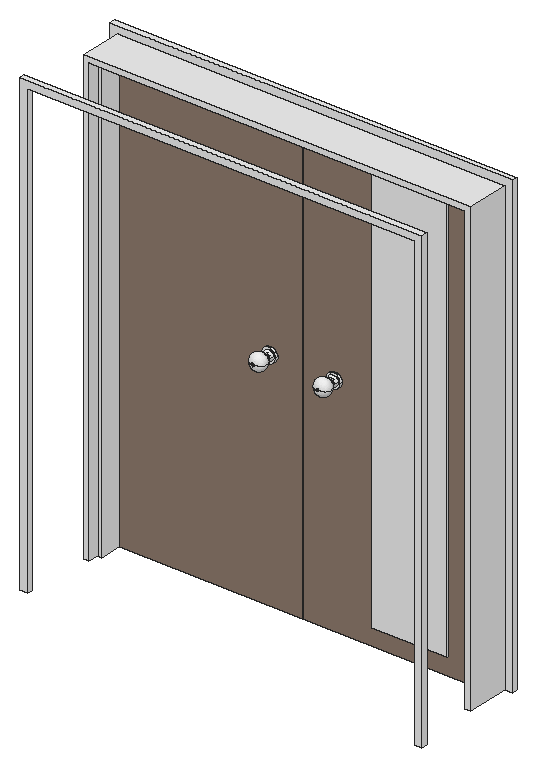
Revit family
Parameters (values of type "1800x2100")
  swing_angle [instance] = 90.00°
  decoration_material = Metal_door_frame
  Seond_door_panel_width = Second_door_width - 25 mm  # 875 mm
  Second_door_width = 900 mm
  Panel_Material = Panel_Door_frame
  Handel_Material = Metal_door_frame
  Frame_material = Metal_door_frame
  Frame Projection Ext. = 25 mm
  Frame Projection Int. = 25 mm
  Frame Width = 35 mm
  Height = 2100 mm
  Wall Closure = (empty or 0)
  Width = 1800 mm
  Door_Panel_Width = Width - (Second_door_width) - 25 mm  # 875 mm
  Assembly Code = ""
Types (2, lengths in mm): name | Width | Door_Panel_Width
  1800x2100 | 1800 | 875
  2300x2100 | 2300 | 1375
Reference planes
  plane 1: y = 0
  plane 2 "Center (Left/Right)": x = 0
  plane 3 "Left": x = -900
  plane 4 "Right": x = 900
  plane 5: z = 2100
  plane 6 "Exterior": y = 250
  plane 7 "Interior": y = -250
  plane 8 "handle": z = 1050
  plane 9: x = 0
Forms (mm)
  Extrusion 1, solid, material "Metal_door_frame" <- "Frame_material"
    sketch origin (-3050, -250, 0) x (1, 0, 0) y (0, 0, 1)
      loop
        line (2115, 0) -> (2150, 0) -> (2150, 2100) -> (3950, 2100) -> (3950, 0) -> (3985, 0) -> (3985, 2135) -> (2115, 2135) -> (2115, 0)
    from 0 to 25
  Extrusion 2, solid, material "Metal_door_frame" <- "Frame_material"
    sketch origin (-3050, 250, 0) x (-1, 0, 0) y (0, 0, 1)
      loop
        line (-2150, 0) -> (-2115, 0) -> (-2115, 2135) -> (-3985, 2135) -> (-3985, 0) -> (-3950, 0) -> (-3950, 2100) -> (-2150, 2100) -> (-2150, 0)
    from 0 to 25
  Sweep 3, solid, material "Metal_door_frame" <- "Frame_material"
    path origin (0, 250, 0) x (1, 0, 0) y (0, 0, 1)
      loop
        line (900, 0) -> (900, 2100) -> (-900, 2100) -> (-900, 0)
    profile origin (900, 250, 1050) x (-1, 0, 0) y (0, -1, 0)
      loop
        line (45, 50) -> (45, 150) -> (25, 150) -> (25, 200) -> (0, 200) -> (0, 0) -> (25, 0) -> (25, 50) -> (45, 50)
  Extrusion 4, solid, material "Panel_Door_frame" <- "Panel_Material"
    sketch origin (-15, 250, 0) x (1, 0, 0) y (0, 0, 1)
      loop
        line (890, 2075) -> (15, 2075) -> (15, 0) -> (890, 0) -> (890, 2075)
    from 0 to 50
  Revolve 5, solid, material "Metal_door_frame" <- "Handel_Material"
    sketch origin (0, 0, 1050) x (1, 0, 0) y (0, 1, 0)
      loop
        line (117.292, 250) -> (150, 250) -> (150, 344.095) -> (142.422, 344.095) -> (142.422, 349.095)
        arc (142.422, 349.095) -> (112.422, 319.095) -> (142.422, 289.095) r 30
        line (142.422, 289.095) -> (142.422, 274.095) -> (132.422, 274.095) -> (127.292, 260) -> (117.292, 260) -> (117.292, 250)
      loop
        line (117.292, 200) -> (117.292, 190) -> (127.292, 190) -> (132.422, 175.905) -> (142.422, 175.905) -> (142.422, 160.905)
        arc (142.422, 160.905) -> (112.422, 130.905) -> (142.422, 100.905) r 30
        line (142.422, 100.905) -> (142.422, 105.905) -> (150, 105.905) -> (150, 200) -> (117.292, 200)
      axis (150, 349.095) -> (150, 100.905)
    angle from 0 to 360
  Extrusion 6, solid, material "Metal_door_frame" <- "decoration_material"
    sketch origin (0, 250, 0) x (1, 0, 0) y (0, 0, 1)
      loop
        line (325, 1995) -> (325, 80) -> (675, 80) -> (675, 1995) -> (325, 1995)
    from 0 to -5
  Extrusion 7, solid, material "Metal_door_frame" <- "decoration_material"
    sketch origin (0, 50, 0) x (1, 0, 0) y (0, 0, -1)
      loop
        line (325, -1995) -> (675, -1995) -> (675, -80) -> (325, -80) -> (325, -1995)
    from 150 to 145
  Extrusion 8, solid, material "Panel_Door_frame" <- "Panel_Material"
    sketch origin (0, 250, 0) x (1, 0, 0) y (0, 0, 1)
      loop
        line (0, 2075) -> (-875, 2075) -> (-875, 0) -> (0, 0) -> (0, 2075)
    from 0 to 50
  Revolve 9, solid, material "Metal_door_frame" <- "Handel_Material"
    sketch origin (-400, 0, 1050) x (-1, 0, 0) y (0, 1, 0)
      loop
        line (-282.708, 250) -> (-250, 250) -> (-250, 344.095) -> (-257.578, 344.095) -> (-257.578, 349.095)
        arc (-257.578, 349.095) -> (-287.578, 319.095) -> (-257.578, 289.095) r 30
        line (-257.578, 289.095) -> (-257.578, 274.095) -> (-267.578, 274.095) -> (-272.708, 260) -> (-282.708, 260) -> (-282.708, 250)
      loop
        line (-282.708, 200) -> (-282.708, 190) -> (-272.708, 190) -> (-267.578, 175.905) -> (-257.578, 175.905) -> (-257.578, 160.905)
        arc (-257.578, 160.905) -> (-287.578, 130.905) -> (-257.578, 100.905) r 30
        line (-257.578, 100.905) -> (-257.578, 105.905) -> (-250, 105.905) -> (-250, 200) -> (-282.708, 200)
      axis (-250, 349.095) -> (-250, 100.905)
    angle from 0 to 360
Lines and regions (mm)
  Opening 1
    outline origin (-3050, -250, 0) x (1, 0, 0) y (0, 0, 1)
      loop
        line (2150, 0) -> (3950, 0) -> (3950, 2100) -> (2150, 2100) -> (2150, 0)
  symbolic lines, style "Elevation Swing"
    curve 1: line (900, -250, 1050) -> (287.5, -250, 2100)
    curve 2: line (900, -250, 1050) -> (-900, -250, 0)
    curve 3: line (-900, 250, 0) -> (900, 250, 1050)
    curve 4: line (900, 250, 1050) -> (-900, 250, 4135.714)
  symbolic lines, style "Plan Swing"
    curve 5: line (825, 1125, 0) -> (825, 250, 0)
    curve 6: line (875, 1125, 0) -> (825, 1125, 0)
    curve 7: line (875, 250, 0) -> (875, 1125, 0)
    curve 8: line (825, 250, 0) -> (875, 250, 0)
    curve 9: arc (875, 1125, 0) -> (256.282, 868.718, 0) -> (0, 250, 0) r 875
    curve 10: line (-875, 250, 0) -> (-825, 250, 0)
    curve 11: line (-875, 1125, 0) -> (-875, 250, 0)
    curve 12: line (-825, 1125, 0) -> (-875, 1125, 0)
    curve 13: line (-825, 250, 0) -> (-825, 1125, 0)
    curve 14: arc (-875, 1125, 0) -> (-256.282, 868.718, 0) -> (0, 250, 0) r 875
  symbolic lines
    curve 15: line (-900, 250, 0) -> (900, 250, 0)
    curve 16: line (-900, -250, 0) -> (900, -250, 0)
Text (mm)
  text "Exterior" at (-2295.016, 1099.543, 0), in view "Ref. Level"
  text "Exterior" at (0, 1615.38, 3698.081), in view "Left"
  text "Exterior" at (0, 1036.032, 3874.932), in view "Right"
Dimensions and locks
  equal spacing: plane 3 "Left", plane 2 "Center (Left/Right)", plane 4 "Right"
  "Width": plane 3 "Left" to plane 4 "Right"
  "Height": plane 5 to host wall
  equal spacing: host wall, curve 2, plane 5
  equal spacing: host wall, curve 4, plane 5
  "Frame Projection Ext.": Extrusion 2 to Extrusion 2
  "Frame Projection Int.": Extrusion 1 to Extrusion 1
  "Frame Width": plane 3 "Left" to Extrusion 1 sketch curve
  "Frame Width": plane 4 "Right" to Extrusion 1 sketch curve
  "Frame Width": Extrusion 1 sketch curve to plane 5
  "Frame Width": plane 4 "Right" to Extrusion 2 sketch curve
  "Frame Width": plane 3 "Left" to Extrusion 2 sketch curve
  "Frame Width": plane 5 to Extrusion 2 sketch curve
  locked: plane 6 "Exterior" to host wall at 0
  locked: plane 7 "Interior" to host wall
  locked: Sweep 3 sketch curve to Sweep 3 sketch curve at 200
  locked: Sweep 3 sketch curve to Sweep 3 sketch curve at 50
  locked: Sweep 3 sketch curve to Sweep 3 sketch curve at 100
  locked: curve 5 to curve 7 at 50
  "Door_Panel_Width": curve 8 to curve 6
  level to plane 5 = 2100 mm
  equal spacing: level, plane 8 "handle", plane 5
  locked: Extrusion 6 sketch curve to Extrusion 4 at 80
  locked: Extrusion 4 to Extrusion 6 sketch curve at 200
  locked: Extrusion 4 to Extrusion 6 sketch curve at 80
  locked: Extrusion 6 sketch curve to Extrusion 6 sketch curve at 350
  locked: Extrusion 7 sketch curve to Extrusion 7 sketch curve at 350
  locked: Extrusion 6 to Extrusion 4 at 5
  locked: Extrusion 7 to Extrusion 7 at 5
  "Second_door_width": plane 3 "Left" to plane 9
  locked: plane 9 to Revolve 5 sketch curve at 150
  locked: curve 11 to curve 13 at 50
  "Seond_door_panel_width": plane 6 "Exterior" to curve 12
  aligned and locked: plane 3 "Left" to Opening 1 sketch curve
  aligned and locked: plane 5 to Opening 1 sketch curve  (x2)
  aligned and locked: Opening 1 sketch curve to plane 4 "Right"
  aligned and locked: Opening 1 sketch curve to level
  aligned and locked: level to Extrusion 1 sketch curve
  aligned and locked: plane 5 to Extrusion 1 sketch curve  (x2)
  aligned and locked: Extrusion 1 sketch curve to plane 4 "Right"
  aligned and locked: plane 3 "Left" to Extrusion 1 sketch curve
  aligned and locked: plane 3 "Left" to Extrusion 2 sketch curve
  aligned and locked: plane 5 to Extrusion 2 sketch curve  (x2)
  aligned and locked: level to Extrusion 2 sketch curve
  aligned and locked: plane 5 to curve 1
  aligned and locked: plane 3 "Left" to curve 2
  aligned and locked: plane 1 to host wall
  aligned and locked: Extrusion 4 to plane 6 "Exterior"
  aligned and locked: Extrusion 6 to Extrusion 4
  aligned and locked: Extrusion 7 to Extrusion 4
  aligned and locked: Extrusion 6 to Extrusion 7
  aligned and locked: Revolve 5 sketch curve to Extrusion 4
  aligned and locked: Sweep 3 to Extrusion 4
  aligned and locked: Extrusion 4 to plane 9
  aligned and locked: Revolve 5 sketch curve to Revolve 5 sketch curve  (x2)
  aligned and locked: Extrusion 4 to Extrusion 8 sketch curve
  aligned and locked: Extrusion 8 sketch curve to Sweep 3  (x2)
  aligned and locked: Extrusion 8 sketch curve to Extrusion 4
  aligned and locked: Extrusion 8 sketch curve to plane 9
  aligned and locked: Revolve 9 sketch curve to Revolve 9 sketch curve  (x2)
Automatic sketch dimensions
  curve 4 to plane 3 "Left" = 0 mm
  curve 3 to level = 0 mm
  curve 2 to level = 0 mm
  curve 3 to plane 3 "Left" = 0 mm
  curve 3 to plane 4 "Right" = 0 mm
  curve 2 to plane 4 "Right" = 0 mm
  Extrusion 1 sketch curve to level = 0 mm
  Extrusion 2 sketch curve to plane 4 "Right" = 0 mm
  Extrusion 2 sketch curve to level = 0 mm
  Sweep 3 sketch curve to plane 3 "Left" = 0 mm
  Sweep 3 sketch curve to plane 4 "Right" = 0 mm
  Sweep 3 sketch curve to level = 0 mm  (x2)
  Sweep 3 sketch curve to plane 5 = 0 mm
  Sweep 3 sketch curve to plane 6 "Exterior" = 0 mm
  Sweep 3 sketch curve to profile plane = 0 mm
  Sweep 3 sketch curve to Sweep 3 sketch curve = 25 mm  (x2)
  Sweep 3 sketch curve to Sweep 3 sketch curve = 20 mm
  curve 16 to host wall = 0 mm
  curve 16 to plane 3 "Left" = 0 mm
  curve 15 to host wall = 0 mm
  curve 15 to plane 3 "Left" = 0 mm
  curve 11 to host wall = 0 mm
  curve 14 to plane 9 = 0 mm
  curve 9 to plane 9 = 0 mm
  curve 5 to host wall = 0 mm
  curve 16 to plane 4 "Right" = 0 mm
  curve 15 to plane 4 "Right" = 0 mm
  Extrusion 4 sketch curve to plane 9 = 0 mm
  Extrusion 4 sketch curve to level = 0 mm
  plane 4 "Right" to Extrusion 4 sketch curve = 25 mm
  plane 5 to Extrusion 4 sketch curve = 25 mm
  Revolve 5 sketch curve to host wall = 0 mm
  Revolve 5 sketch curve to Revolve 5 sketch curve = 7.578 mm  (x2)
  host wall to Revolve 5 sketch curve = 24.095 mm
  Revolve 5 sketch curve to Revolve 5 sketch curve = 10 mm  (x5)
  Revolve 5 sketch curve to Revolve 5 sketch curve = 5.13 mm  (x2)
  Revolve 5 sketch curve to Revolve 5 sketch curve = 14.095 mm
  Revolve 5 sketch curve to Revolve 5 sketch curve = 15 mm  (x2)
  Revolve 5 sketch curve to Revolve 5 sketch curve = 30 mm  (x2)
  Revolve 5 sketch curve to Revolve 5 sketch curve = 5 mm  (x2)
  host wall to Revolve 5 sketch curve = 171.598 mm
  host wall to Revolve 5 sketch curve = 10 mm
  Revolve 5 sketch curve to Revolve 5 sketch curve = 164.306 mm
  level to Extrusion 7 sketch curve = 80 mm
  plane 2 "Center (Left/Right)" to Extrusion 7 sketch curve = 325 mm
  plane 5 to Extrusion 7 sketch curve = 105 mm
  Revolve 9 sketch curve to host wall = 0 mm
  plane 9 to Revolve 9 sketch curve = 117.292 mm
  Revolve 9 sketch curve to Revolve 9 sketch curve = 0 mm
  Revolve 9 sketch curve to host wall = 10 mm
  Revolve 9 sketch curve to Revolve 9 sketch curve = 10 mm  (x5)
  host wall to Revolve 9 sketch curve = 60 mm
  Revolve 9 sketch curve to Revolve 9 sketch curve = 5.13 mm  (x2)
  plane 9 to Revolve 9 sketch curve = 150 mm
  Revolve 9 sketch curve to Revolve 9 sketch curve = 14.095 mm  (x2)
  Revolve 9 sketch curve to Revolve 9 sketch curve = 15 mm  (x2)
  Revolve 9 sketch curve to Revolve 9 sketch curve = 30 mm  (x2)
  Revolve 9 sketch curve to Revolve 9 sketch curve = 5 mm  (x2)
  Revolve 9 sketch curve to host wall = 171.598 mm
  Revolve 9 sketch curve to Revolve 9 sketch curve = 164.306 mm
